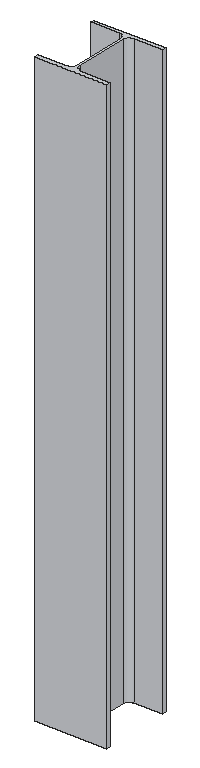
Revit family "StructuraColumns_IProfile", category Structural Columns, Revit 2018
Family settings
  Section Shape = I-shape Parallel Flange
  Material for Model Behavior = Steel
  Always export as geometry = No
  Beam cutback in plan = From bounding box
  Cut with Voids When Loaded = No
  Symbolic Representation = From Project Settings
  Shared = No
  Show family pre-cut in plan views = Yes
Parameters (values of type "IProfile")
  Width = 300 mm
  Web Thickness = 9 mm
  Web Fillet = 27 mm
  Structural Material [instance] = none
  Height = 310 mm
  Flange Thickness = 16 mm
  Centroid Vertical = 0 mm
  Centroid Horizontal = 0 mm
  Assembly Code = ""
Reference planes
  plane 1: y = 0
  plane 2: z = 0
  plane 3: x = 0
  plane 4: x = -150
  plane 5: x = 150
  plane 6: y = 155
  plane 7: y = -155
Forms (mm)
  Extrusion 1, solid, material <- "Structural Material", detail levels medium
    sketch origin (0, 0, 0) x (1, 0, 0) y (0, 1, 0)
      loop
        line (-150, 155) -> (-150, 139) -> (-4.5, 139) -> (-4.5, -139) -> (-150, -139) -> (-150, -155) -> (150, -155) -> (150, -139) -> (4.5, -139) -> (4.5, 139) -> (150, 139) -> (150, 155) -> (-150, 155)
    from 0 to 2500
  Extrusion 2, solid, material <- "Structural Material", detail levels fine
    sketch origin (0, 0, 0) x (1, 0, 0) y (0, 1, 0)
      loop
        line (-150, 155) -> (-150, 139) -> (-31.5, 139)
        arc (-31.5, 139) -> (-12.408, 131.092) -> (-4.5, 112) r 27
        line (-4.5, 112) -> (-4.5, -112)
        arc (-4.5, -112) -> (-12.408, -131.092) -> (-31.5, -139) r 27
        line (-31.5, -139) -> (-150, -139) -> (-150, -155) -> (150, -155) -> (150, -139) -> (31.5, -139)
        arc (31.5, -139) -> (12.408, -131.092) -> (4.5, -112) r 27
        line (4.5, -112) -> (4.5, 112)
        arc (4.5, 112) -> (12.408, 131.092) -> (31.5, 139) r 27
        line (31.5, 139) -> (150, 139) -> (150, 155) -> (-150, 155)
    from 0 to 2500
Lines and regions (mm)
  symbolic lines, style "StructuralColumnStickSymbols", detail levels coarse
    curve 1: line (-150, 155, 0) -> (150, 155, 0)
    curve 2: line (-150, -155, 0) -> (150, -155, 0)
    curve 3: line (0, 155, 0) -> (0, -155, 0)
  symbolic lines, style "Hidden Faces", detail levels medium+fine
    curve 4: line (-4.5, 0, 0) -> (-4.5, 0, 2500)
    curve 5: line (4.5, 0, 2500) -> (4.5, 0, 0)
Dimensions and locks
  equal spacing: plane 4, plane 3, plane 5
  equal spacing: plane 7, plane 1, plane 6
  "Height": plane 7 to plane 6
  "Width": plane 4 to plane 5
  "Flange Thickness": plane 7 to Extrusion 1 sketch curve
  "Flange Thickness": Extrusion 1 sketch curve to plane 6
  equal spacing: Extrusion 1 sketch curve, plane 3, Extrusion 1 sketch curve
  "Web Thickness": Extrusion 1 sketch curve to Extrusion 1 sketch curve
  "Web Fillet": radius of Extrusion 2 sketch curve  (x4)
  aligned and locked: plane 6 to Extrusion 1 sketch curve
  aligned and locked: Extrusion 1 sketch curve to plane 7
  aligned and locked: Extrusion 1 sketch curve to plane 4  (x2)
  aligned and locked: plane 5 to Extrusion 1 sketch curve  (x2)
  aligned and locked: Extrusion 1 sketch curve to Extrusion 1 sketch curve  (x2)
  aligned and locked: level to Extrusion 1
  aligned and locked: level to plane 2
  aligned and locked: Extrusion 1 to plane 2
  aligned and locked: plane 6 to Extrusion 2 sketch curve
  aligned and locked: plane 5 to Extrusion 2 sketch curve  (x2)
  aligned and locked: Extrusion 2 sketch curve to plane 4  (x2)
  aligned and locked: Extrusion 2 sketch curve to Extrusion 1  (x6)
  aligned and locked: Extrusion 2 sketch curve to plane 7
  aligned and locked: level to Extrusion 2
  aligned and locked: Extrusion 2 to level
  aligned and locked: level to curve 5  (x2)
  aligned and locked: level to curve 4  (x2)
  aligned and locked: curve 4 to Extrusion 1
  aligned and locked: curve 5 to Extrusion 1
Automatic sketch dimensions
  curve 2 to plane 4 = 0 mm
  curve 1 to plane 4 = 0 mm
  curve 3 to plane 3 = 0 mm
  curve 2 to plane 5 = 0 mm
  curve 1 to plane 5 = 0 mm
  curve 3 to plane 7 = 0 mm
  curve 3 to plane 6 = 0 mm
